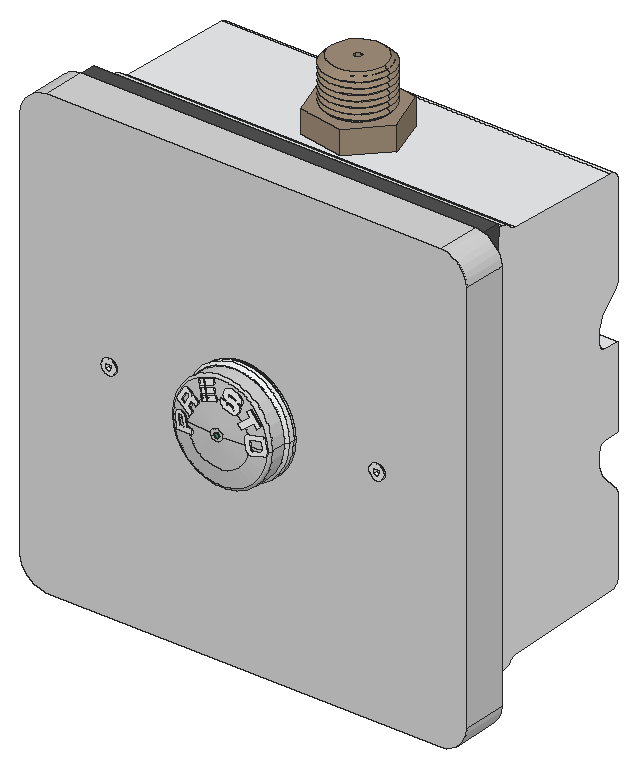
Revit family "38336", category Plumbing Fixtures, Revit 2022
Family settings
  Round Connector Dimension = Use Diameter
  Part Type = Normal
  OmniClass Number = 23.45.00.00
  OmniClass Title = Sanitary, Laundry, and Cleaning Equipment
  Work Plane-Based = Yes
  Always vertical = Yes
  Cut with Voids When Loaded = No
  Maintain Annotation Orientation = No
  Shared = No
  Room Calculation Point = No
Parameters (values of type "38336-PRESTO")
  ref = "38336 - PRESTO 120 B"
  pressure = 5.0 bar
  min pressure = 1.0 bar
  material = stainless steel vandal proof front, brushed finish
  flow time = 6.0 s
  flow = 5.0 L/min
  brand = "LES ROBINETS PRESTO"
  URL = "https://www.prestodatashare.com/espacedoc/Fiches_Techniques/GB/38336.pdf"
  Standards & approvals [instance] = "Brass body in accordance with EN 1982, EN 12164, EN 12165 / - Molded chrome-plated body in accordance with EN 12540 / - 200-hour neutral salt spray resistant (NSS) in accordance with ISO 9227"
  Ref [instance] = "38336 - PRESTO 120 B"
  Recommended pressure = 3.0 bar
  Range [instance] = "Self-Closing urinal valves"
  RANGE = "Self-Closing urinal valves"
  Model = "38336"
  Materials & Finish [instance] = "160x160 stainless steel vandal proof front, brushed finish"
  Manufacturer = "PRESTO"
  Description = "Self-Closing urinal valves"
  Delivered with [instance] = "1 Flush-mounting case / - 1 Vandal-proof rose 160x160 (Brushed stainless steel) / - 1 Stop valve MF G 1/2\" (15x21) / -  1 Douille lisse MF G 1/2\" (15x21) / - Instruction manual"
  Default Elevation = 1219.2 mm
  > Thermal resistance : = 75.0000 (m²·K)/W
  - Hydraulic supply = 15.00 mm
Reference planes
  plane 1 "Center (Front/Back)": y = 0
  plane 2: z = 0
  plane 3 "Center (Left/Right)": x = 0
  plane 4: z = 932.688
  plane 5: z = 959.313
Forms (mm)
  Extrusion 1, solid, material "stainless steel vandal proof front, brushed finish" <- "material"
    sketch origin (0, 5, -946.345) x (1, 0, 0) y (0, 0, 1)
      loop
        arc (51.576, 1004.338) -> (0.059, 1006) -> (-51.458, 1004.346) r 801.125
        arc (-51.458, 1004.346) -> (-56.2, 1002.2) -> (-58.346, 997.458) r 7.376
        arc (-58.346, 997.458) -> (-60, 945.967) -> (-58.341, 894.476) r 801.125
        arc (-58.341, 894.476) -> (-56.218, 889.782) -> (-51.524, 887.659) r 7.302
        arc (-51.524, 887.659) -> (0.027, 886) -> (51.577, 887.662) r 801.125
        arc (51.577, 887.662) -> (56.232, 889.768) -> (58.338, 894.423) r 7.242
        arc (58.338, 894.423) -> (60, 946) -> (58.338, 997.576) r 801.125
        arc (58.338, 997.576) -> (56.232, 1002.232) -> (51.576, 1004.338) r 7.243
      loop
        circle (-35, 946.345) r 2
      loop
        circle (35, 946.345) r 2
    from 5 to 16.349
  Extrusion 2, solid, material "Stainless Steel, Polished"
    sketch origin (0, -11.349, -946.345) x (1, 0, 0) y (0, 0, 1)
      loop
        circle (0, 946.345) r 13.657
    from -5.356 to 0.623
  Extrusion 3, solid, material "Wall Texture, Orange Peel"
    sketch origin (45.398, 254.948, -19.484) x (0.810869, -0.068084, 0.581254) y (0.56724, -0.152919, -0.809231)
      loop
        line (-13.483, -9.519) -> (-10.353, -10.912)
        arc (-10.353, -10.912) -> (-9.554, -10.933) -> (-8.974, -10.383) r 1.045
        line (-8.974, -10.383) -> (-8.616, -9.579)
        arc (-8.616, -9.579) -> (-8.57, -9.172) -> (-8.765, -8.813) r 0.681
        arc (-8.765, -8.813) -> (-8.365, -8.713) -> (-8.093, -8.404) r 0.691
        line (-8.093, -8.404) -> (-7.49, -7.051) -> (-8.752, -6.489) -> (-9.131, -7.339)
        arc (-9.131, -7.339) -> (-9.436, -7.629) -> (-9.858, -7.618) r 0.55
        line (-9.858, -7.618) -> (-10.916, -7.147) -> (-10.313, -5.794) -> (-11.574, -5.232) -> (-13.483, -9.519)
      loop
        arc (-10.381, -9.784) -> (-9.632, -9.497) -> (-9.919, -8.748) r 0.567
        line (-9.919, -8.748) -> (-11.642, -7.981) -> (-12.103, -9.017) -> (-10.381, -9.784)
    from -280.112 to -277.249
  Extrusion 4, solid, material "Wall Texture, Orange Peel"
    sketch origin (193.336, -143.163, -782.229) x (0.954219, -0.016063, 0.298676) y (-0.292299, 0.161772, 0.942545)
      loop
        line (44.982, 825.746) -> (44.982, 821.008) -> (46.41, 821.008) -> (46.41, 825.746) -> (44.982, 825.746)
    from 4.565 to 8.604
  Extrusion 5, solid, material "Aluminum 1100-O"
    sketch origin (-64.5, 72.222, 56.655) x (0, 0, -1) y (0, -1, 0)
      loop
        arc (4.468, 66.527) -> (3.661, 66.278) -> (2.831, 66.126) r 7.11
        line (2.831, 66.126) -> (2.962, 62.355)
        arc (2.962, 62.355) -> (3.246, 61.182) -> (3.97, 60.216) r 3
        arc (3.97, 60.216) -> (4.693, 59.25) -> (4.977, 58.076) r 3
        line (4.977, 58.076) -> (6.057, 27.143)
        arc (6.057, 27.143) -> (6.743, 25.603) -> (8.306, 24.972) r 2.25
        line (8.306, 24.972) -> (31.575, 24.972)
        arc (31.575, 24.972) -> (33.01, 25.257) -> (34.227, 26.07) r 3.75
        line (34.227, 26.07) -> (37.591, 29.434)
        arc (37.591, 29.434) -> (39.294, 30.572) -> (41.303, 30.972) r 5.25
        line (41.303, 30.972) -> (44.428, 30.972)
        arc (44.428, 30.972) -> (45.731, 30.445) -> (46.302, 29.162) r 1.875
        line (46.302, 29.162) -> (46.449, 24.972) -> (67.551, 24.972) -> (67.698, 29.162)
        arc (67.698, 29.162) -> (68.269, 30.445) -> (69.572, 30.972) r 1.875
        line (69.572, 30.972) -> (72.697, 30.972)
        arc (72.697, 30.972) -> (74.706, 30.572) -> (76.409, 29.434) r 5.25
        line (76.409, 29.434) -> (79.773, 26.07)
        arc (79.773, 26.07) -> (80.99, 25.257) -> (82.425, 24.972) r 3.75
        line (82.425, 24.972) -> (101.569, 24.972)
        arc (101.569, 24.972) -> (103.132, 25.603) -> (103.818, 27.143) r 2.25
        line (103.818, 27.143) -> (104.898, 58.076)
        arc (104.898, 58.076) -> (105.182, 59.25) -> (105.905, 60.216) r 3
        arc (105.905, 60.216) -> (106.629, 61.182) -> (106.913, 62.355) r 3
        line (106.913, 62.355) -> (107.038, 65.953)
        arc (107.038, 65.953) -> (107.169, 66.389) -> (107.496, 66.706) r 0.9
        arc (107.496, 66.706) -> (55.989, 69.953) -> (4.5, 66.444) r 394.199
    from -115.409 to -13.849
  Sweep 6, solid, material "Aluminum 1100-O"
    path in 3D
      loop
        arc (13.657, -11.972, 0) -> (0, -11.972, -13.657) -> (-13.657, -11.972, 0) r 13.657
        arc (-13.657, -11.972, 0) -> (0, -11.972, 13.657) -> (13.657, -11.972, 0) r 13.657
    profile origin (0, -11.972, 13.657) x (0, 0, 1) y (0, -1, 0)
      loop
        line (0, 1.137) -> (-0.6, 2.177) -> (-3.795, 2.177) -> (-3.795, 0) -> (0, 0) -> (0, 1.137)
  Extrusion 7, solid, material "Damp-proofing"
    sketch origin (50.909, 72.222, 56.655) x (0, 0, 1) y (0, -1, 0)
      loop
        line (0, 72.222) -> (-114, 72.222) -> (-114, 66.352)
        arc (-114, 66.352) -> (-111.983, 66.074) -> (-109.969, 66.378) r 7.118
        arc (-109.969, 66.378) -> (-57.005, 69.955) -> (-4.04, 66.382) r 394.199
        arc (-4.04, 66.382) -> (-2.022, 66.074) -> (0, 66.352) r 7.11
        line (0, 66.352) -> (0, 72.222)
    from -103.738 to 1.823
  Sweep 8, solid, material "Stainless Steel, Polished"
    path in 3D
      loop
        arc (-9.862, -14.148, 0) -> (0, -14.148, -9.862) -> (9.862, -14.148, 0) r 9.862
        arc (9.862, -14.148, 0) -> (0, -14.148, 9.862) -> (-9.862, -14.148, 0) r 9.862
    profile origin (0, -14.148, 9.862) x (0, 0, -1) y (0, -1, 0)
      loop
        line (-3.106, 3.787) -> (-3.106, 0) -> (9.207, 0) -> (9.207, 5.853) -> (8.294, 5.853)
        arc (8.294, 5.853) -> (5.035, 5.661) -> (1.791, 5.291) r 60
        arc (1.791, 5.291) -> (-0.369, 4.945) -> (-2.515, 4.52) r 60
        arc (-2.515, 4.52) -> (-2.94, 4.258) -> (-3.106, 3.787) r 0.75
  Extrusion 9, solid, material "Steel, Paint Finish, GREEN"
    sketch origin (0, -20.002, 0) x (1, 0, 0) y (0, 0, 1)
      loop
        circle (0, 0) r 0.655
    from -5.853 to 0.028
  Sweep 10, solid, material "Bronze, Architectural", not visible
    path in 3D
      loop
        arc (2.129, 73.042, 844.775) -> (20.329, 54.842, 844.775) -> (2.129, 36.642, 844.775) r 18.2
        arc (2.129, 36.642, 844.775) -> (-16.071, 54.842, 844.775) -> (2.129, 73.042, 844.775) r 18.2
    profile origin (-16.071, 54.842, 844.775) x (0, 0, -1) y (-1, 0, 0)
      loop
        line (-10.541, -1.154) -> (-121.935, -1.154) -> (-120.025, -4.462) -> (-117.717, -2.154) -> (-117.717, -4.462) -> (-115.409, -2.154) -> (-115.409, -4.462) -> (-113.1, -2.154) -> (-113.1, -4.462) -> (-110.792, -2.154) -> (-110.792, -4.462) -> (-108.484, -2.154) -> (-108.484, -4.462) -> (-106.176, -2.154) -> (-106.176, -4.462) -> (-103.868, -2.154) -> (-103.868, -4.462) -> (-101.56, -2.154) -> (-101.56, -4.462) -> (-99.251, -2.154) -> (-99.251, -4.462) -> (-96.943, -2.154) -> (-96.943, -4.462) -> (-94.635, -2.154) -> (-94.635, -4.462) -> (-92.327, -2.154) -> (-92.327, -4.462) -> (-90.019, -2.154) -> (-90.019, -4.462) -> (-87.711, -2.154) -> (-87.711, -4.462) -> (-85.402, -2.154) -> (-85.402, -4.462) -> (-83.094, -2.154) -> (-83.094, -4.462) -> (-80.786, -2.154) -> (-80.786, -4.462) -> (-78.478, -2.154) -> (-78.478, -4.462) -> (-76.17, -2.154) -> (-76.17, -4.462) -> (-73.862, -2.154) -> (-73.862, -4.462) -> (-71.553, -2.154) -> (-71.553, -4.462) -> (-69.245, -2.154) -> (-69.245, -4.462) -> (-66.937, -2.154) -> (-66.937, -4.462) -> (-64.629, -2.154) -> (-64.629, -4.462) -> (-62.321, -2.154) -> (-62.321, -4.462) -> (-60.012, -2.154) -> (-60.012, -4.462) -> (-57.704, -2.154) -> (-57.704, -4.462) -> (-55.396, -2.154) -> (-55.396, -4.462) -> (-53.088, -2.154) -> (-53.088, -4.462) -> (-50.78, -2.154) -> (-50.78, -4.462) -> (-48.472, -2.154) -> (-48.472, -4.462) -> (-46.163, -2.154) -> (-46.163, -4.462) -> (-43.855, -2.154) -> (-43.855, -4.462) -> (-41.547, -2.154) -> (-41.547, -4.462) -> (-39.239, -2.154) -> (-39.239, -4.462) -> (-36.931, -2.154) -> (-36.931, -4.462) -> (-34.623, -2.154) -> (-34.623, -4.462) -> (-32.314, -2.154) -> (-32.314, -4.462) -> (-30.006, -2.154) -> (-30.006, -4.462) -> (-27.698, -2.154) -> (-27.698, -4.462) -> (-25.39, -2.154) -> (-25.39, -4.462) -> (-23.082, -2.154) -> (-23.082, -4.462) -> (-20.774, -2.154) -> (-20.774, -4.462) -> (-18.465, -2.154) -> (-18.465, -4.462) -> (-16.157, -2.154) -> (-16.157, -4.462) -> (-13.849, -2.154) -> (-13.849, -4.462) -> (-10.541, -1.154)
  Extrusion 11, void, not visible
    sketch origin (-89.468, 11.349, 844.775) x (-1, 0, 0) y (0, -1, 0)
      loop
        circle (-91.597, -43.493) r 18.2
      loop
        circle (-91.597, -43.493) r 19.2
    from -0.742 to 134
  Sweep 12, solid, material "Aluminum 1100-O", not visible
    path in 3D
      loop
        arc (2.129, 37.796, 855.315) -> (-14.917, 54.842, 855.315) -> (2.129, 71.888, 855.315) r 17.046
        arc (2.129, 71.888, 855.315) -> (19.175, 54.842, 855.315) -> (2.129, 37.796, 855.315) r 17.046
    profile origin (19.175, 54.842, 855.315) x (0, 0, -1) y (1, 0, 0)
      loop
        line (0, 0) -> (0, -4) -> (10.541, -4) -> (10.541, 0) -> (0, 0)
  Extrusion 13, solid, material "Brass", not visible
    sketch origin (-89.468, 11.349, 844.775) x (0, -1, 0) y (1, 0, 0)
      loop
        circle (-43.493, 91.597) r 19.2
      loop
        circle (-43.493, 91.597) r 18.2
    from -0.742 to 134
  Extrusion 14, solid, material "Bronze, Architectural"
    sketch origin (-64.5, 38.182, 50.478) x (0, 1, 0.000235) y (-1, 0, 0)
      loop
        circle (-12.045, -64.5) r 7.5
    from -110.295 to 17.504
  Extrusion 15, solid, material "Bronze, Architectural"
    sketch origin (-64.5, 38.178, 67.982) x (0, 1, 0.000235) y (-1, 0, 0)
      loop
        line (-9.844, -52.682) -> (-21.12, -56.787) -> (-23.204, -68.604) -> (-14.011, -76.318) -> (-2.735, -72.213) -> (-0.651, -60.396) -> (-9.844, -52.682)
    from -120.298 to -10.498
  Sweep 16, solid, material "Bronze, Architectural"
    path in 3D
      loop
        arc (-7.5, 26.132, 67.979) -> (0, 33.632, 67.98) -> (7.5, 26.132, 67.979) r 7.5
        arc (7.5, 26.132, 67.979) -> (0, 18.632, 67.977) -> (-7.5, 26.132, 67.979) r 7.5
    profile origin (0, 18.632, 67.977) x (0, -1, -0.000235) y (0, -0.000235, 1)
      loop
        line (-0.643, 0.753) -> (-6.618, 0.752) -> (-6.618, -11.239) -> (0.88, -11.239) -> (-0.615, -9.743) -> (0.88, -9.743) -> (-0.615, -8.248) -> (0.88, -8.248) -> (-0.616, -6.752) -> (0.88, -6.752) -> (-0.616, -5.256) -> (0.879, -5.256) -> (-0.617, -3.76) -> (0.879, -3.76) -> (-0.617, -2.264) -> (0.879, -2.264) -> (-0.617, -0.768) -> (0.878, -0.768) -> (-0.643, 0.753)
  Sweep 17, solid, material "Bronze, Architectural"
    path in 3D
      loop
        arc (-7.5, 26.132, -63.355) -> (0, 33.632, -63.357) -> (7.5, 26.132, -63.355) r 7.5
        arc (7.5, 26.132, -63.355) -> (0, 18.632, -63.354) -> (-7.5, 26.132, -63.355) r 7.5
    profile origin (0, 18.632, -63.354) x (0, 1, -0.000235) y (0, -0.000235, -1)
      loop
        line (0.643, 0.753) -> (-0.878, -0.768) -> (0.617, -0.768) -> (-0.879, -2.264) -> (0.617, -2.264) -> (-0.879, -3.76) -> (0.617, -3.76) -> (-0.879, -5.256) -> (0.616, -5.256) -> (-0.88, -6.752) -> (0.616, -6.752) -> (-0.88, -8.248) -> (0.615, -8.248) -> (-0.88, -9.743) -> (0.615, -9.743) -> (-0.88, -11.239) -> (6.618, -11.239) -> (6.618, 0.752) -> (0.643, 0.753)
  Extrusion 18, solid, material "Wall Texture, Orange Peel"
    sketch origin (41.951, 242.285, 14.518) x (0.239455, -0.053292, 0.969444) y (0.955605, -0.163638, -0.245032)
      loop
        line (-14.06, 0.507) -> (-15.677, -3.935) -> (-12.77, -4.993)
        arc (-12.77, -4.993) -> (-10.727, -4.041) -> (-11.68, -1.998) r 1.594
        line (-11.68, -1.998) -> (-13.245, -1.429) -> (-12.718, 0.018) -> (-14.06, 0.507)
      loop
        arc (-12.414, -4.079) -> (-11.62, -3.709) -> (-11.99, -2.914) r 0.62
        line (-11.99, -2.914) -> (-13.85, -2.237) -> (-14.274, -3.402) -> (-12.414, -4.079)
    from -266.622 to -264.066
  Extrusion 19, solid, material "Wall Texture, Orange Peel"
    sketch origin (19.592, 242.996, -30.277) x (0.990466, -0.045054, 0.130183) y (0.12172, -0.156312, -0.980179)
      loop
        line (-7.861, -2.413) -> (-3.876, -3.116) -> (-3.655, -1.861) -> (-7.64, -1.158) -> (-7.861, -2.413)
      loop
        line (-3.003, 1.542) -> (-7.039, 2.253) -> (-7.263, 0.978) -> (-3.228, 0.267) -> (-3.003, 1.542)
      loop
        line (-3.554, -0.095) -> (-7.335, 0.571) -> (-7.559, -0.7) -> (-3.778, -1.367) -> (-3.554, -0.095)
    from -266.063 to -261.05
  Extrusion 20, solid, material "Wall Texture, Orange Peel"
    sketch origin (-10.301, 244.617, -21.768) x (0.984738, 0.031971, -0.171083) y (-0.164192, -0.155384, -0.974113)
      loop
        arc (0.862, 8.544) -> (0.658, 8.17) -> (0.254, 8.034) r 0.585
        line (0.254, 8.034) -> (-0.951, 7.821)
        arc (-0.951, 7.821) -> (-1.276, 8.048) -> (-1.049, 8.373) r 0.28
        line (-1.049, 8.373) -> (1.116, 8.754)
        arc (1.116, 8.754) -> (1.928, 9.307) -> (2.055, 10.281) r 1.199
        arc (2.055, 10.281) -> (1.646, 11.205) -> (0.74, 11.65) r 1.478
        line (0.74, 11.65) -> (-0.118, 11.626) -> (-1.503, 11.382)
        arc (-1.503, 11.382) -> (-2.574, 10.704) -> (-2.862, 9.47) r 1.671
        line (-2.862, 9.47) -> (-1.477, 9.714)
        arc (-1.477, 9.714) -> (-1.231, 10.106) -> (-0.778, 10.204) r 0.597
        line (-0.778, 10.204) -> (0.307, 10.395)
        arc (0.307, 10.395) -> (0.61, 10.183) -> (0.398, 9.88) r 0.261
        line (0.398, 9.88) -> (-1.503, 9.545)
        arc (-1.503, 9.545) -> (-2.349, 9.069) -> (-2.639, 8.143) r 1.316
        line (-2.639, 8.143) -> (-2.5, 7.355)
        arc (-2.5, 7.355) -> (-1.753, 6.689) -> (-0.758, 6.579) r 1.647
        line (-0.758, 6.579) -> (1.053, 6.898)
        arc (1.053, 6.898) -> (1.972, 7.626) -> (2.194, 8.779) r 1.684
        line (2.194, 8.779) -> (0.862, 8.544)
    from -265.819 to -261.003
  Extrusion 21, solid, material "Wall Texture, Orange Peel"
    sketch origin (-35.385, 240.951, -22.79) x (0.776221, 0.042938, -0.628997) y (-0.617004, -0.153291, -0.771886)
      loop
        line (2.951, -11.115) -> (7.052, -10.168) -> (6.76, -8.903) -> (5.443, -9.207) -> (4.674, -5.878) -> (3.251, -6.207) -> (4.02, -9.536) -> (2.659, -9.85) -> (2.951, -11.115)
    from -265.077 to -262.373
  Extrusion 22, solid, material "Wall Texture, Orange Peel"
    sketch origin (-60.817, 238.744, 33.943) x (0.864127, 0.14862, 0.480829) y (0.475105, 0.074252, -0.876791)
      loop
        line (9.308, 43.396) -> (8.528, 45.538)
        arc (8.528, 45.538) -> (7.902, 46.221) -> (6.977, 46.261) r 1.21
        line (6.977, 46.261) -> (4.505, 45.362)
        arc (4.505, 45.362) -> (3.818, 44.732) -> (3.777, 43.8) r 1.218
        line (3.777, 43.8) -> (4.55, 41.676)
        arc (4.55, 41.676) -> (5.164, 41.007) -> (6.071, 40.967) r 1.186
        line (6.071, 40.967) -> (8.605, 41.889)
        arc (8.605, 41.889) -> (9.268, 42.497) -> (9.308, 43.396) r 1.176
      loop
        arc (7.684, 42.592) -> (8.053, 42.93) -> (8.074, 43.43) r 0.654
        line (8.074, 43.43) -> (7.568, 44.822)
        arc (7.568, 44.822) -> (7.267, 45.15) -> (6.822, 45.17) r 0.581
        line (6.822, 45.17) -> (5.334, 44.628)
        arc (5.334, 44.628) -> (5.017, 44.338) -> (4.998, 43.908) r 0.562
        line (4.998, 43.908) -> (5.525, 42.46)
        arc (5.525, 42.46) -> (5.843, 42.114) -> (6.312, 42.093) r 0.614
        line (6.312, 42.093) -> (7.684, 42.592)
    from -265.876 to -261.566
  Extrusion 23, solid, material "Aluminum 1100-O"
    sketch origin (0, -11.349, -946.345) x (1, 0, 0) y (0, 0, 1)
      loop
        circle (-35, 946.345) r 2
      loop
        line (-35, 945.531) -> (-34.296, 945.938) -> (-34.296, 946.751) -> (-35, 947.158) -> (-35.704, 946.751) -> (-35.704, 945.938) -> (-35, 945.531)
      loop
        circle (35, 946.345) r 2
      loop
        line (35, 945.531) -> (35.704, 945.938) -> (35.704, 946.751) -> (35, 947.158) -> (34.296, 946.751) -> (34.296, 945.938) -> (35, 945.531)
    from -2.369 to 0.176
  Extrusion 24, solid, material "Aluminum 1100-O"
    sketch origin (0, -11.349, -942.345) x (1, 0, 0) y (0, 0, 1)
      loop
        circle (-35, 942.345) r 2
      loop
        circle (35, 942.345) r 2
    from -4.65 to -0.674
  Extrusion 25, solid, material "Wall Texture, Orange Peel", not visible
    sketch origin (45.398, 194.075, 926.86) x (0.810869, -0.068084, 0.581254) y (0.56724, -0.152919, -0.809231)
      loop
        line (-13.483, -9.519) -> (-10.353, -10.912)
        arc (-10.353, -10.912) -> (-9.554, -10.933) -> (-8.974, -10.383) r 1.045
        line (-8.974, -10.383) -> (-8.616, -9.579)
        arc (-8.616, -9.579) -> (-8.57, -9.172) -> (-8.765, -8.813) r 0.681
        arc (-8.765, -8.813) -> (-8.365, -8.713) -> (-8.093, -8.404) r 0.691
        line (-8.093, -8.404) -> (-7.49, -7.051) -> (-8.752, -6.489) -> (-9.131, -7.339)
        arc (-9.131, -7.339) -> (-9.436, -7.629) -> (-9.858, -7.618) r 0.55
        line (-9.858, -7.618) -> (-10.916, -7.147) -> (-10.313, -5.794) -> (-11.574, -5.232) -> (-13.483, -9.519)
      loop
        arc (-10.381, -9.784) -> (-9.632, -9.497) -> (-9.919, -8.748) r 0.567
        line (-9.919, -8.748) -> (-11.642, -7.981) -> (-12.103, -9.017) -> (-10.381, -9.784)
    from -280.112 to -277.249
  Extrusion 26, solid, material "Wall Texture, Orange Peel", not visible
    sketch origin (193.336, -204.036, 164.115) x (0.954219, -0.016063, 0.298676) y (-0.292299, 0.161772, 0.942545)
      loop
        line (44.982, 825.746) -> (44.982, 821.008) -> (46.41, 821.008) -> (46.41, 825.746) -> (44.982, 825.746)
    from 4.565 to 8.604
  Extrusion 27, solid, material "Wall Texture, Orange Peel", not visible
    sketch origin (41.951, 181.412, 960.862) x (0.239455, -0.053292, 0.969444) y (0.955605, -0.163638, -0.245032)
      loop
        line (-14.06, 0.507) -> (-15.677, -3.935) -> (-12.77, -4.993)
        arc (-12.77, -4.993) -> (-10.727, -4.041) -> (-11.68, -1.998) r 1.594
        line (-11.68, -1.998) -> (-13.245, -1.429) -> (-12.718, 0.018) -> (-14.06, 0.507)
      loop
        arc (-12.414, -4.079) -> (-11.62, -3.709) -> (-11.99, -2.914) r 0.62
        line (-11.99, -2.914) -> (-13.85, -2.237) -> (-14.274, -3.402) -> (-12.414, -4.079)
    from -266.622 to -264.066
  Extrusion 28, solid, material "Wall Texture, Orange Peel", not visible
    sketch origin (19.592, 182.123, 916.067) x (0.990466, -0.045054, 0.130183) y (0.12172, -0.156312, -0.980179)
      loop
        line (-7.861, -2.413) -> (-3.876, -3.116) -> (-3.655, -1.861) -> (-7.64, -1.158) -> (-7.861, -2.413)
      loop
        line (-3.003, 1.542) -> (-7.039, 2.253) -> (-7.263, 0.978) -> (-3.228, 0.267) -> (-3.003, 1.542)
      loop
        line (-3.554, -0.095) -> (-7.335, 0.571) -> (-7.559, -0.7) -> (-3.778, -1.367) -> (-3.554, -0.095)
    from -266.063 to -261.05
  Extrusion 29, solid, material "Wall Texture, Orange Peel", not visible
    sketch origin (-10.301, 183.744, 924.576) x (0.984738, 0.031971, -0.171083) y (-0.164192, -0.155384, -0.974113)
      loop
        arc (0.862, 8.544) -> (0.658, 8.17) -> (0.254, 8.034) r 0.585
        line (0.254, 8.034) -> (-0.951, 7.821)
        arc (-0.951, 7.821) -> (-1.276, 8.048) -> (-1.049, 8.373) r 0.28
        line (-1.049, 8.373) -> (1.116, 8.754)
        arc (1.116, 8.754) -> (1.928, 9.307) -> (2.055, 10.281) r 1.199
        arc (2.055, 10.281) -> (1.646, 11.205) -> (0.74, 11.65) r 1.478
        line (0.74, 11.65) -> (-0.118, 11.626) -> (-1.503, 11.382)
        arc (-1.503, 11.382) -> (-2.574, 10.704) -> (-2.862, 9.47) r 1.671
        line (-2.862, 9.47) -> (-1.477, 9.714)
        arc (-1.477, 9.714) -> (-1.231, 10.106) -> (-0.778, 10.204) r 0.597
        line (-0.778, 10.204) -> (0.307, 10.395)
        arc (0.307, 10.395) -> (0.61, 10.183) -> (0.398, 9.88) r 0.261
        line (0.398, 9.88) -> (-1.503, 9.545)
        arc (-1.503, 9.545) -> (-2.349, 9.069) -> (-2.639, 8.143) r 1.316
        line (-2.639, 8.143) -> (-2.5, 7.355)
        arc (-2.5, 7.355) -> (-1.753, 6.689) -> (-0.758, 6.579) r 1.647
        line (-0.758, 6.579) -> (1.053, 6.898)
        arc (1.053, 6.898) -> (1.972, 7.626) -> (2.194, 8.779) r 1.684
        line (2.194, 8.779) -> (0.862, 8.544)
    from -265.819 to -261.003
  Extrusion 30, solid, material "Wall Texture, Orange Peel", not visible
    sketch origin (-35.385, 180.078, 923.555) x (0.776221, 0.042938, -0.628997) y (-0.617004, -0.153291, -0.771886)
      loop
        line (2.951, -11.115) -> (7.052, -10.168) -> (6.76, -8.903) -> (5.443, -9.207) -> (4.674, -5.878) -> (3.251, -6.207) -> (4.02, -9.536) -> (2.659, -9.85) -> (2.951, -11.115)
    from -265.077 to -262.373
  Extrusion 31, solid, material "Wall Texture, Orange Peel", not visible
    sketch origin (-60.817, 177.871, 980.288) x (0.864127, 0.14862, 0.480829) y (0.475105, 0.074252, -0.876791)
      loop
        line (9.308, 43.396) -> (8.528, 45.538)
        arc (8.528, 45.538) -> (7.902, 46.221) -> (6.977, 46.261) r 1.21
        line (6.977, 46.261) -> (4.505, 45.362)
        arc (4.505, 45.362) -> (3.818, 44.732) -> (3.777, 43.8) r 1.218
        line (3.777, 43.8) -> (4.55, 41.676)
        arc (4.55, 41.676) -> (5.164, 41.007) -> (6.071, 40.967) r 1.186
        line (6.071, 40.967) -> (8.605, 41.889)
        arc (8.605, 41.889) -> (9.268, 42.497) -> (9.308, 43.396) r 1.176
      loop
        arc (7.684, 42.592) -> (8.053, 42.93) -> (8.074, 43.43) r 0.654
        line (8.074, 43.43) -> (7.568, 44.822)
        arc (7.568, 44.822) -> (7.267, 45.15) -> (6.822, 45.17) r 0.581
        line (6.822, 45.17) -> (5.334, 44.628)
        arc (5.334, 44.628) -> (5.017, 44.338) -> (4.998, 43.908) r 0.562
        line (4.998, 43.908) -> (5.525, 42.46)
        arc (5.525, 42.46) -> (5.843, 42.114) -> (6.312, 42.093) r 0.614
        line (6.312, 42.093) -> (7.684, 42.592)
    from -265.876 to -261.566
Lines and regions (mm)
  sketch lines
    curve 1: arc (-13.657, -11.972, 0) -> (0, -11.972, 13.657) -> (13.657, -11.972, 0) r 13.657
    curve 2: arc (13.657, -11.972, 0) -> (0, -11.972, -13.657) -> (-13.657, -11.972, 0) r 13.657
    curve 3: arc (9.862, -14.148, 0) -> (0, -14.148, 9.862) -> (-9.862, -14.148, 0) r 9.862
    curve 4: arc (-9.862, -14.148, 0) -> (0, -14.148, -9.862) -> (9.862, -14.148, 0) r 9.862
    curve 9: arc (7.5, 26.132, 67.979) -> (0, 18.632, 67.977) -> (-7.5, 26.132, 67.979) r 7.5
    curve 10: arc (-7.5, 26.132, 67.979) -> (0, 33.632, 67.98) -> (7.5, 26.132, 67.979) r 7.5
    curve 11: arc (7.5, 26.132, -63.355) -> (0, 18.632, -63.354) -> (-7.5, 26.132, -63.355) r 7.5
    curve 12: arc (-7.5, 26.132, -63.355) -> (0, 33.632, -63.357) -> (7.5, 26.132, -63.355) r 7.5
  sketch lines, not visible
    curve 5: arc (2.129, 36.642, 844.775) -> (-16.071, 54.842, 844.775) -> (2.129, 73.042, 844.775) r 18.2
    curve 6: arc (2.129, 73.042, 844.775) -> (20.329, 54.842, 844.775) -> (2.129, 36.642, 844.775) r 18.2
    curve 7: arc (2.129, 71.888, 855.315) -> (19.175, 54.842, 855.315) -> (2.129, 37.796, 855.315) r 17.046
    curve 8: arc (2.129, 37.796, 855.315) -> (-14.917, 54.842, 855.315) -> (2.129, 71.888, 855.315) r 17.046
  reference lines
    curve 13: line (0, -11.349, 0.655) -> (0, -11.349, -0.655)
    curve 14: circle (0, -11.349, 0) r 11.71 normal (0, -1, 0)
Dimensions and locks
  aligned and locked: level to plane 2
Connectors
  piping at (0, 26.132, -64.109), diameter 15
    settings: on Sweep 17, index 1, connector inside diameter 609.6 mm, connector length 0 mm, flow factor 0, pipe flow 0.0 L/min, pressure drop 0.0 bar, fitting loss kfactor 0, connector angle 0.00°, fixture units 0, engagement length 0 mm, angle of deflection 0.00°, flow configuration 0, flow direction 0, fitting loss method 0, system type 7, joint type 0, gender type 0, connector reference index -1, connector utility 0, adjustable connector no, is connector primary yes, connector description ""
  piping at (0, 26.132, 67.979), diameter 15
    settings: on Extrusion 14, index 2, connector inside diameter 609.6 mm, connector length 0 mm, flow factor 0, pipe flow 0.0 L/min, pressure drop 0.0 bar, fitting loss kfactor 0, connector angle 0.00°, fixture units 0, engagement length 0 mm, angle of deflection 0.00°, flow configuration 0, flow direction 0, fitting loss method 0, system type 7, joint type 0, gender type 0, connector reference index -1, connector utility 0, adjustable connector no, is connector primary no, connector description ""
